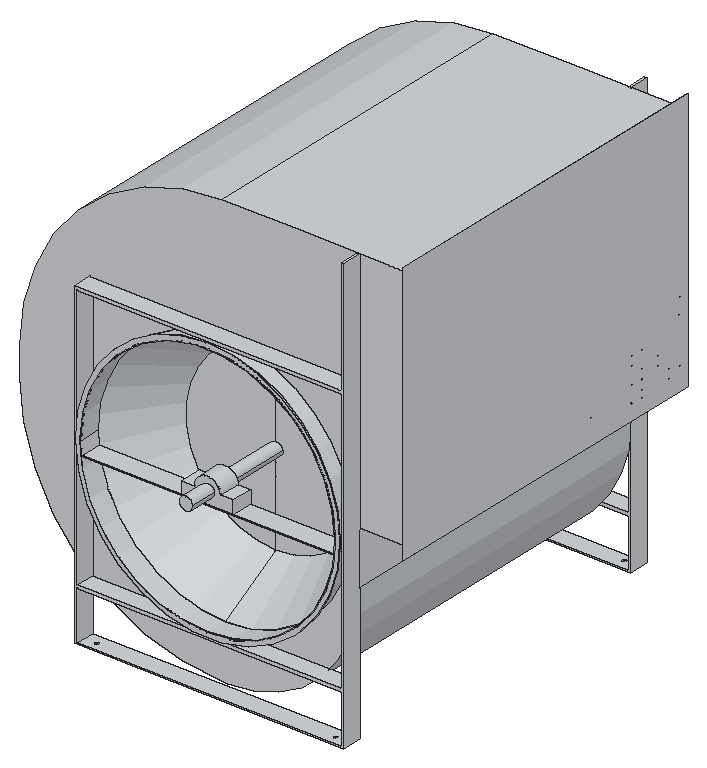
Revit family "CAF_DWDI_CW_THD", category Mechanical Equipment, Revit 2019 (continued)
Types (59): name | V+(D-(A+.25"))/2 | V | U-N | U | T/2 | T | SCROLL2 | S/2 | S | R/2 | R | P | N | M | L | K/2 | K | J | INLET/4 | INLET/2 | INLET | H-J | H | G-(R/2) | G-(INLET/2)-1.625" | G+(INLET/2)+1.625" | G | F-((D-A-.25")/2) | F | E/2 | E | D/2 | D | C/2 | C+C | C | BOTTOM | B/2 | B+.25" | B | A/2 | A+.25" | A | D/7 | Type Comments | -P | -(B+.25")/2 | (M-(B+.25")/2 | (INLET/2)-.125" | (INLET/2)+1.625" | (INLET/2)+1.5" | (D-(A+.25"))/2 | (B+.25")/2 | (A+.25")/2 | ((M+U+U+N+N)-((B+.25")/2))/2
  165_CAF-DWDI_CW_THD_CLASS_3 | 1 15/16" | 1" | 1 9/16" | 8 1/16" | 13 3/16" | 26 3/8" | 12 1/8" | 9 3/4" | 19 1/2" | 12 1/8" | 24 1/4" | 38 5/16" | 6 1/2" | 30 1/8" | 15 1/16" | 15/32" | 15/16" | 14 3/8" | 5 19/64" | 10 19/32" | 21 3/16" | 13 1/8" | 27 1/2" | 1 7/16" | 1 15/32" | 25 21/32" | 13 9/16" | 31 1/8" | 32 1/16" | 13 1/16" | 26 1/8" | 9 17/32" | 19 1/16" | 1 3/32" | 4 3/8" | 2 3/16" | 7 3/16" | 12" | 24 1/4" | 24" | 8 15/32" | 17 3/16" | 16 15/16" | 2.00658" | "Centrifugal Airfoil Blower Clockwise Top Horizontal Arrangement 3 Low Profile Class 3" | -38 5/16" | -12 1/8" | 2 15/16" | 10 15/32" | 12 3/32" | 12 1/32" | 15/16" | 12 1/8" | 8 19/32" | 4 1/2"
  180_CAF-DWDI_CW_THD_CLASS_3 | 2" | 1" | 1 9/16" | 8 1/16" | 14 7/32" | 28 7/16" | 13 3/8" | 10 1/2" | 21" | 13 1/8" | 26 1/4" | 40 3/8" | 6 1/2" | 32 3/16" | 16 1/8" | 15/32" | 15/16" | 15 11/16" | 5 43/64" | 11 11/32" | 22 11/16" | 14 5/16" | 30" | 1 5/8" | 1 29/32" | 27 19/32" | 14 3/4" | 33 15/16" | 34 15/16" | 14 3/32" | 28 3/16" | 10 3/8" | 20 3/4" | 1 3/32" | 4 3/8" | 2 3/16" | 7 27/32" | 13 1/32" | 26 5/16" | 26 1/16" | 9 1/4" | 18 3/4" | 18 1/2" | 2.18421" | "Centrifugal Airfoil Blower Clockwise Top Horizontal Arrangement 3 Low Profile Class 3" | -40 3/8" | -13 5/32" | 2 15/16" | 11 7/32" | 12 27/32" | 12 25/32" | 1" | 13 5/32" | 9 3/8" | 4 1/2"
  195_CAF-DWDI_CW_THD_CLASS_3 | 2 15/16" | 1" | 1 9/16" | 8 1/16" | 15 21/32" | 31 5/16" | 14 1/4" | 11 1/8" | 22 1/4" | 13 21/32" | 27 5/16" | 42 3/4" | 6 1/2" | 34 9/16" | 17 5/16" | 15/32" | 15/16" | 17" | 6 3/64" | 12 3/32" | 24 3/16" | 15 7/16" | 32 7/16" | 2 7/32" | 2 9/32" | 29 15/32" | 15 7/8" | 36 5/8" | 38 9/16" | 16 9/32" | 32 9/16" | 11 13/16" | 23 5/8" | 1 3/32" | 4 3/8" | 2 3/16" | 8 1/2" | 14 7/32" | 28 11/16" | 28 7/16" | 9 3/4" | 19 3/4" | 19 1/2" | 2.48684" | "Centrifugal Airfoil Blower Clockwise Top Horizontal Arrangement 3 Low Profile Class 3" | -42 3/4" | -14 11/32" | 2 15/16" | 11 31/32" | 13 19/32" | 13 17/32" | 1 15/16" | 14 11/32" | 9 7/8" | 4 1/2"
  210_CAF-DWDI_CW_THD_CLASS_3 | 2 15/16" | 1" | 1 9/16" | 8 9/16" | 16 5/8" | 33 1/4" | 15" | 11 7/8" | 23 3/4" | 14 1/2" | 29" | 45 3/16" | 7" | 36 1/2" | 18 1/4" | 15/32" | 15/16" | 18 5/16" | 6 31/64" | 12 31/32" | 25 15/16" | 16 5/8" | 34 15/16" | 2 1/2" | 2 17/32" | 31 15/32" | 17" | 39 3/8" | 41 5/16" | 17 1/4" | 34 1/2" | 12 7/8" | 25 3/4" | 1 3/32" | 4 3/8" | 2 3/16" | 9 5/32" | 15 3/16" | 30 5/8" | 30 3/8" | 10 13/16" | 21 7/8" | 21 5/8" | 2.71053" | "Centrifugal Airfoil Blower Clockwise Top Horizontal Arrangement 3 Low Profile Class 3" | -45 3/16" | -15 5/16" | 2 15/16" | 12 27/32" | 14 15/32" | 14 13/32" | 1 15/16" | 15 5/16" | 10 15/16" | 4 1/2"
  225_CAF-DWDI_CW_THD_CLASS_3 | 3" | 1" | 1 9/16" | 8 9/16" | 17 11/16" | 35 3/8" | 15 7/8" | 12 3/4" | 25 1/2" | 15 9/32" | 30 9/16" | 47 5/16" | 7" | 38 5/8" | 19 5/16" | 15/32" | 15/16" | 19 9/16" | 6 55/64" | 13 23/32" | 27 7/16" | 17 7/8" | 37 7/16" | 2 29/32" | 2 31/32" | 33 13/32" | 18 3/16" | 42 1/8" | 44 1/8" | 18 11/32" | 36 11/16" | 13 23/32" | 27 7/16" | 1 3/32" | 4 3/8" | 2 3/16" | 9 25/32" | 16 1/4" | 32 3/4" | 32 1/2" | 11 19/32" | 23 7/16" | 23 3/16" | 2.88816" | "Centrifugal Airfoil Blower Clockwise Top Horizontal Arrangement 3 Low Profile Class 3" | -47 5/16" | -16 3/8" | 2 15/16" | 13 19/32" | 15 7/32" | 15 5/32" | 2" | 16 3/8" | 11 23/32" | 4 1/2"
  245_CAF-DWDI_CW_THD_CLASS_3 | 3" | 1" | 9/16" | 7 9/16" | 19 9/32" | 38 9/16" | 16 7/8" | 13 9/16" | 27 1/8" | 16 15/32" | 32 15/16" | 50 13/16" | 7" | 43 3/16" | 21 5/8" | 17/32" | 1 1/16" | 21 5/16" | 7 23/64" | 14 23/32" | 29 7/16" | 19 3/8" | 40 11/16" | 3 7/32" | 3 15/32" | 35 29/32" | 19 11/16" | 45 3/4" | 47 3/4" | 19 5/8" | 39 1/4" | 14 7/8" | 29 3/4" | 1 7/32" | 4 7/8" | 2 7/16" | 10 21/32" | 17 17/32" | 35 5/16" | 35 1/16" | 12 3/4" | 25 3/4" | 25 1/2" | 3.13158" | "Centrifugal Airfoil Blower Clockwise Top Horizontal Arrangement 3 Low Profile Class 3" | -50 13/16" | -17 21/32" | 3 15/16" | 14 19/32" | 16 7/32" | 16 5/32" | 2" | 17 21/32" | 12 7/8" | 4 1/2"
  270_CAF-DWDI_CW_THD_CLASS_3 | 3" | 1" | 9/16" | 7 11/16" | 21 15/32" | 42 15/16" | 18 3/4" | 14 15/16" | 29 7/8" | 17 27/32" | 35 11/16" | 55 5/16" | 7 1/8" | 47 9/16" | 23 13/16" | 17/32" | 1 1/16" | 23 1/2" | 7 63/64" | 15 31/32" | 31 15/16" | 21 5/16" | 44 13/16" | 3 25/32" | 4 5/32" | 39 3/32" | 21 5/8" | 50 5/16" | 52 5/16" | 21 13/16" | 43 5/8" | 15 7/8" | 31 3/4" | 1 7/32" | 4 7/8" | 2 7/16" | 11 3/4" | 19 23/32" | 39 11/16" | 39 7/16" | 13 3/4" | 27 3/4" | 27 1/2" | 3.34211" | "Centrifugal Airfoil Blower Clockwise Top Horizontal Arrangement 3 Low Profile Class 3" | -55 5/16" | -19 27/32" | 3 15/16" | 15 27/32" | 17 15/32" | 17 13/32" | 2" | 19 27/32" | 13 7/8" | 4 1/2"
  300_CAF-DWDI_CW_THD_CLASS_3 | 3" | 1" | 5/8" | 7 3/4" | 23 1/4" | 46 1/2" | 20 1/4" | 16 7/16" | 32 7/8" | 19 11/32" | 38 11/16" | 58 7/8" | 7 1/8" | 51 1/8" | 25 9/16" | 17/32" | 1 1/16" | 26 1/16" | 8 47/64" | 17 15/32" | 34 15/16" | 23 11/16" | 49 3/4" | 4 17/32" | 4 29/32" | 42 27/32" | 23 7/8" | 55 3/4" | 57 3/4" | 23 19/32" | 47 3/16" | 17 23/32" | 35 7/16" | 1 7/32" | 4 7/8" | 2 7/16" | 13 1/32" | 21 1/2" | 43 1/4" | 43" | 15 19/32" | 31 7/16" | 31 3/16" | 3.73026" | "Centrifugal Airfoil Blower Clockwise Top Horizontal Arrangement 3 Low Profile Class 3" | -58 7/8" | -21 5/8" | 3 15/16" | 17 11/32" | 18 31/32" | 18 29/32" | 2" | 21 5/8" | 15 23/32" | 4 9/16"
  330_CAF-DWDI_CW_THD_CLASS_3 | 3 1/16" | 1" | -3/8" | 6 3/4" | 25 7/8" | 51 3/4" | 20 25/32" | 17 5/8" | 35 1/4" | 21 1/8" | 42 1/4" | 64" | 7 1/8" | 57 1/4" | 28 5/8" | 17/32" | 1 1/16" | 28 11/16" | 9 31/64" | 18 31/32" | 37 15/16" | 26 1/16" | 54 3/4" | 5 1/16" | 5 23/32" | 46 21/32" | 26 3/16" | 61 3/16" | 63 1/4" | 25 21/32" | 51 5/16" | 19 7/16" | 38 7/8" | 1 7/32" | 4 7/8" | 2 7/16" | 14 11/32" | 23 17/32" | 47 5/16" | 47 1/16" | 17 1/4" | 34 3/4" | 34 1/2" | 4.09211" | "Centrifugal Airfoil Blower Clockwise Top Horizontal Arrangement 3 Low Profile Class 3" | -64" | -23 21/32" | 4 31/32" | 18 27/32" | 20 15/32" | 20 13/32" | 2 1/16" | 23 21/32" | 17 3/8" | 4 19/32"
  365_CAF-DWDI_CW_THD_CLASS_3 | 3 9/16" | 1" | 1/8" | 7 3/4" | 28 7/16" | 56 7/8" | 22 21/32" | 19 1/2" | 39" | 23" | 46" | 70 1/8" | 7 5/8" | 62 3/8" | 31 3/16" | 17/32" | 1 1/16" | 31 3/4" | 10 23/64" | 20 23/32" | 41 7/16" | 28 3/4" | 60 1/2" | 5 7/8" | 6 21/32" | 51 3/32" | 28 7/8" | 67 5/8" | 70 3/16" | 28 23/32" | 57 7/16" | 22 1/32" | 44 1/16" | 1 15/32" | 5 7/8" | 2 15/16" | 15 7/8" | 26 3/32" | 52 7/16" | 52 3/16" | 19 11/32" | 38 15/16" | 38 11/16" | 4.63816" | "Centrifugal Airfoil Blower Clockwise Top Horizontal Arrangement 3 Low Profile Class 3" | -70 1/8" | -26 7/32" | 4 31/32" | 20 19/32" | 22 7/32" | 22 5/32" | 2 9/16" | 26 7/32" | 19 15/32" | 5 3/32"
  402_CAF-DWDI_CW_THD_CLASS_3 | 4 1/2" | 1 15/16" | 5/8" | 10 3/4" | 31 3/4" | 63 1/2" | 24 27/32" | 21" | 42" | 25 9/32" | 50 9/16" | 80 3/4" | 10 1/8" | 70" | 35" | 17/32" | 1 1/16" | 34 15/16" | 11 19/64" | 22 19/32" | 45 3/16" | 31 11/16" | 66 5/8" | 6 13/32" | 7 19/32" | 55 25/32" | 31 11/16" | 74 5/16" | 76 7/8" | 31 17/32" | 63 1/16" | 23 9/16" | 47 1/8" | 1 23/32" | 6 7/8" | 3 7/16" | 17 15/32" | 28 29/32" | 58 1/16" | 57 13/16" | 20 7/8" | 42" | 41 3/4" | 4.96053" | "Centrifugal Airfoil Blower Clockwise Top Horizontal Arrangement 3 Low Profile Class 3" | -80 3/4" | -29 1/32" | 5 31/32" | 22 15/32" | 24 3/32" | 24 1/32" | 2 9/16" | 29 1/32" | 21" | 6 19/32"
  445_CAF-DWDI_CW_THD_CLASS_3 | 4 1/2" | 1 15/16" | 5/8" | 10 3/4" | 35" | 70" | 26 31/32" | 23 1/8" | 46 1/4" | 27 13/32" | 54 13/16" | 87 1/4" | 10 1/8" | 76 1/2" | 38 1/4" | 17/32" | 1 1/16" | 38 11/16" | 12 23/64" | 24 23/32" | 49 7/16" | 35 1/16" | 73 3/4" | 7 17/32" | 8 23/32" | 61 5/32" | 34 15/16" | 82 3/16" | 84 3/4" | 34 25/32" | 69 9/16" | 25 21/32" | 51 5/16" | 1 23/32" | 6 7/8" | 3 7/16" | 19 11/32" | 32 1/8" | 64 1/2" | 64 1/4" | 22 31/32" | 46 3/16" | 45 15/16" | 5.40132" | "Centrifugal Airfoil Blower Clockwise Top Horizontal Arrangement 3 Low Profile Class 3" | -87 1/4" | -32 1/4" | 6" | 24 19/32" | 26 7/32" | 26 5/32" | 2 9/16" | 32 1/4" | 23 3/32" | 6 5/8"
  490_CAF-DWDI_CW_THD_CLASS_3 | 4 1/2" | 1 15/16" | -1 3/8" | 12 1/8" | 38 7/16" | 76 7/8" | 29 11/32" | 25" | 50" | 30" | 60" | 98 1/2" | 13 1/2" | 86 3/8" | 43 3/16" | 17/32" | 1 1/16" | 42 5/8" | 13 3/4" | 27 1/2" | 55" | 38 1/2" | 81 1/8" | 8 3/8" | 9 3/8" | 67 3/8" | 38 3/8" | 90 3/8" | 92 15/16" | 37 23/32" | 75 7/16" | 28 3/16" | 56 3/8" | 1 31/32" | 7 7/8" | 3 15/16" | 21 5/16" | 35 1/16" | 70 3/8" | 70 1/8" | 25 1/2" | 51 1/4" | 51" | 5.93421" | "Centrifugal Airfoil Blower Clockwise Top Horizontal Arrangement 3 Low Profile Class 3" | -98 1/2" | -35 3/16" | 8" | 27 3/8" | 29" | 28 15/16" | 2 9/16" | 35 3/16" | 25 5/8" | 6 5/8"
  540_CAF-DWDI_CW_THD_CLASS_3 | 4 9/16" | 1 15/16" | 5/8" | 16 3/8" | 42 13/32" | 84 13/16" | 31 27/32" | 27 1/2" | 55" | 32 1/2" | 65" | 110 11/16" | 15 3/4" | 94 5/16" | 47 1/8" | 19/32" | 1 3/16" | 47" | 15" | 30" | 60" | 42 7/16" | 89 7/16" | 9 13/16" | 10 13/16" | 73 13/16" | 42 5/16" | 99 9/16" | 102 3/16" | 41 11/16" | 83 3/8" | 30 5/8" | 61 1/4" | 2 7/32" | 8 7/8" | 4 7/16" | 23 1/2" | 38 31/32" | 78 3/16" | 77 15/16" | 27 7/8" | 56" | 55 3/4" | 6.44737" | "Centrifugal Airfoil Blower Clockwise Top Horizontal Arrangement 3 Low Profile Class 3" | -110 11/16" | -39 3/32" | 8 1/16" | 29 7/8" | 31 1/2" | 31 7/16" | 2 5/8" | 39 3/32" | 28" | 8 11/16"
  600_CAF-DWDI_CW_THD_CLASS_3 | 5 19/32" | 2 15/16" | 1/8" | 16" | 46 9/16" | 93 1/8" | 35" | 30 1/2" | 61" | 35 1/2" | 71" | 118 5/8" | 15 7/8" | 102 5/8" | 51 5/16" | 19/32" | 1 3/16" | 52 3/16" | 16 1/2" | 33" | 66" | 47 1/8" | 99 5/16" | 11 1/2" | 12 1/2" | 81 1/2" | 47" | 110 19/32" | 113 1/4" | 45 27/32" | 91 11/16" | 33 7/8" | 67 3/4" | 2 15/32" | 9 7/8" | 4 15/16" | 26 3/32" | 43 1/8" | 86 1/2" | 86 1/4" | 31 3/32" | 62 7/16" | 62 3/16" | 7.13158" | "Centrifugal Airfoil Blower Clockwise Top Horizontal Arrangement 3 Low Profile Class 3" | -118 5/8" | -43 1/4" | 8 1/16" | 32 7/8" | 34 1/2" | 34 7/16" | 2 21/32" | 43 1/4" | 31 7/32" | 8 3/16"
